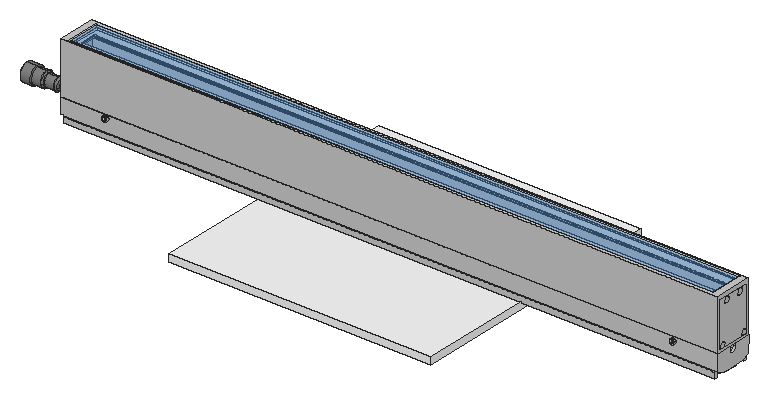
Revit family "BE_84200_de_DE", category Leuchten, Revit 2020
Family settings
  Basisbauteil = Fläche
  Bemaßung runder Anschluss = Durchmesser verwenden
  Teiletyp = Normal
  Beim Laden mit Abzugskörper schneiden = Ja
  Lichtquelle = Ja
  Gemeinsam genutzt = Nein
  Raumberechnungspunkt = Ja
Parameters (values of type "BEGA_84200_Silber")
  built-in parameter 1150104 = 8.522 (stored number, unit not read)
  Wattage = 25.4 W
  Default Elevation = 0 mm
  built-in parameter 1150113 = 1 (stored number, unit not read)
  built-in parameter 1114218 = 1 (stored number, unit not read)
  Umgebungstemperatur = "25 °C"
  URL = "https://www.bega.com/de/produkt/84200"
  Typenkommentare = "© 2022 BEGA. Wir behalten uns das Recht vor, technische Änderungen ohne vorherige Ankündigung vorzunehmen."  # constant formula
  Type Image = 84200.png
  built-in parameter 1150134 = (empty or 0)
  built-in parameter 1150109 = 1 (stored number, unit not read)
  Strom = ""
  built-in parameter 1150110 = 1 (stored number, unit not read)
  Spannung = 239.996 V
  Sonderanfertigung = no
  Seriennummer [instance] = "Hier können Sie die eindeutige Seriennummer für das Facility Management eintragen."
  Schutzklasse = "I"
  Schutzart = "IP 65"
  Scheinlast = 0 VA
  Produktdatenblatt = "https://cdn.bega.com/bega/products/84200/current/documents/data-sheets/de"
  Oberflächentemperatur = ""
  Neigungswinkel = 0.00°
  Modell = "84200A"
  Material_18 = BEGA_Gummi_schwarz
  Material_17 = BEGA_Reflektor
  Material_15 = BEGA_Leuchtmedium_matt
  Material_11 = BEGA_Glas_opal
  Material_10 = BEGA_Glas_matt
  Material_09 = BEGA_Glas_klar
  Material_06 = BEGA_Oberfläche_Edelstahl_gebürstet
  Material_04 = BEGA_Kunststoff_Grafit_matt
  Material_03 = BEGA_Oberfläche_Weiss_matt
  Material_02 = BEGA_Oberfläche_Silber_matt
  Material_01 [instance] = BEGA_Oberfläche_Grafit_matt
  M_W = no
  M_G = no
  M_A = yes
  Logo = 0
  built-in parameter 1114217 = 1 (stored number, unit not read)
  built-in parameter 1150139 = (empty or 0)
  built-in parameter 1150105 = 185.41 (stored number, unit not read)
  built-in parameter 1150114 = 1 (stored number, unit not read)
  Lumens = 2329.94 lm
  built-in parameter 1150115 = 1 (stored number, unit not read)
  Leuchtenlichtstrom = "1235 lm"
  Leuchtenanzahl = ""
  Lebensdauerkriterien = "L70B50 @ 25 °C = 200000 h"
  Lastklassifizierung = Beleuchtung
  built-in parameter 1150112 = 1 (stored number, unit not read)
  Lampenlichtstrom = "2330 lm"
  Lampe = "LED 23.4 W"
  LED_Modulbezeichnung = "2x LED-0921/RGBW"
  built-in parameter 1150142 = (empty or 0)
  Hersteller = "BEGA"  # constant formula
  Halbstreuwinkel = ""
  Gewicht = "5.8 kg"
  Gebrauchslageneinschränkung [instance] = ""
  Frequenz = "0/50-60 Hz"
  Farbwiedergabeindex = ""
  Dimming Lamp Color Temperature Shift = (empty or 0)
  Farbtemperatur = ""
  Color Filter = 16777215
  built-in parameter 1150133 = 10 (stored number, unit not read)
  Energieeffizienzklasse = "LED A++ - A"
  built-in parameter 1150137 = (empty or 0)
  built-in parameter 1150132 = (empty or 0)
  ENEC = "ja"
  Dimmbar [instance] = "DALI DT8 (RGBWAF)"
  Datei für fotometrisches Netz = "BE_84200.IES"
  CE_Konformität = "ja"
  Bestellnummer = "84200A"
  Beschreibung_Sonderanfertigung = "Hier können Sie Informationen zur Sonderanfertigung eintragen."
  Beschreibung = "Fassadenscheinwerfer RGBW"
  built-in parameter 1150106 = 1.8541 (stored number, unit not read)
  Befestigungsbohrung = "Ø 7 mm"
  Befestigungsabstand = "875 mm"
  Ballwurfsicher = ""
  BEGA_Intern_aus = yes
  BEGA_Intern_an = yes
  BEGA_Intern_Konstruktion = yes
  BEGA_Intern = yes
  BEGA_IES = yes
  BEGA_Dummy = no
  Anschlussleitung = "0.5 m"
  Anschlussleistung [instance] = "28 W"
  Anschlusskasten = ""
  built-in parameter 1150107 = 3000 (stored number, unit not read)
  built-in parameter 1150102 = (empty or 0)
  built-in parameter 1150138 = (empty or 0)
  Aktualisierung = "2022-05-19T04:00:07"
  Abstand_zur_angestrahlten_Fläche [instance] = ""
  AC/DC = "AC/DC"
Types (2, lengths in mm): name | Modell | M_G | M_A | Bestellnummer
  BEGA_84200_Grafit | "84200" | yes | no | "84200"
  BEGA_84200_Silber | "84200A" | no | yes | "84200A"
Reference planes
  plane 1 "Mitte (Vorne/Hinten)": y = 0
  plane 2: z = 0
  plane 3 "Mitte (Links/Rechts)": x = 0
  plane 4 "Links": x = -500
  plane 5 "Rechts": x = 500
  plane 6 "Unten": y = -29
  plane 7 "Oben": y = 29
  plane 8 "Vorne": z = 113
  plane 9 "Hinten": z = 0
Forms (mm)
  Extrusion 1, solid, material "BEGA_Platte_Weiss"
    sketch origin (0, -1119.2, 0) x (1, 0, 0) y (0, 1, 0)
      loop
        line (-200, 1319.2) -> (-200, 919.2) -> (200, 919.2) -> (200, 1319.2) -> (-200, 1319.2)
    from 0 to -10
  Extrusion 2, solid, material "BEGA_Dummy_matt", visible <- "BEGA_Dummy"
    sketch origin (80.095, -76.023, 0) x (1, 0, 0) y (0, 1, 0)
      loop
        line (-580.095, 105.023) -> (-580.095, 47.023) -> (419.905, 47.023) -> (419.905, 105.023) -> (-580.095, 105.023)
    from 0 to 113
Dimensions and locks
  plane 1 "Mitte (Vorne/Hinten)" to Extrusion 1 = 200 mm
  aligned and locked: plane 2 to Extrusion 1
  aligned and locked: level to Extrusion 1
Nested families
  nested 1: "BE_84200_Scheinwerfer" at (0, 0, 0), type "BE_84200_Scheinwerfer"
Connectors
  electrical at (0, 0, 0), driven by "Lastklassifizierung", driven by "Spannung", driven by "Scheinlast"
    settings: index 1, voltage 239.996 V, apparent load 0 VA, apparent load phase1 0 VA, apparent load phase2 0 VA, apparent load phase3 0 VA, power factor 1, load classification "Beleuchtung", number of poles 1, system type 31, power factor state 1, is connector primary yes, connector utility no, sub classification motor no, connector description ""
Definition of nested family "BE_84200_Scheinwerfer"
  Parameters (values of type "BE_84200_Scheinwerfer")
    Default Elevation = 1 mm
    URL = "http://www.bega.de/de/produkt"
    Type Comments = "© 2015 BEGA. Wir behalten uns das Recht vor, technische Änderungen ohne vorherige Ankündigung vorzunehmen. "  # constant formula
    Type Image = (empty or 0)
    Material_18 = none
    Material_17 = none
    Material_15 = none
    Material_11 = none
    Material_10 = none
    Material_09 = none
    Material_06 = none
    Material_04 = none
    Material_03 = none
    Material_02 = none
    Material_01 = none
    M_W = yes
    M_G = yes
    M_A = yes
    Länge_Platte = 1200 mm  # constant formula
    Höhe_Platte = -10 mm  # constant formula
    Manufacturer = "BEGA"  # constant formula
    Breite_Platte = 200 mm  # constant formula
  Reference planes
    plane 1 "Mitte (Oben/Unten)": y = 0
    plane 2: z = 0
    plane 3 "Mitte (Links/Rechts)": x = 0
    plane 4: z = 113.3
    plane 5: y = -29
    plane 6: y = 29
    plane 7: x = -581.9
    plane 8: x = 500
  Forms (mm)
    Extrusion 1, solid, detail levels medium
      sketch origin (0, 0, 0) x (1, 0, 0) y (0, 1, 0)
        loop
          line (-600, 100) -> (-600, -100) -> (600, -100) -> (600, 100) -> (-600, 100)
      from 0 to -10 <- "Höhe_Platte"
    Extrusion 2, solid, material <- "Material_01", visible <- "M_G", detail levels medium+fine
      sketch origin (0, 0, 0) x (0, 1, 0) y (0, 0, 1)
        loop
          line (-29, 0) -> (-26.3, 0) -> (-26.3, 4.91)
          arc (-26.3, 4.91) -> (-26.086, 5.32) -> (-25.627, 5.379) r 0.5
          arc (-25.627, 5.379) -> (-17.92, 3.003) -> (-10, 1.479) r 74
          line (-10, 1.479) -> (-10, 0.2) -> (10, 0.2) -> (10, 1.482)
          arc (10, 1.482) -> (17.921, 3.006) -> (25.629, 5.383) r 73.998
          arc (25.629, 5.383) -> (26.086, 5.326) -> (26.299, 4.918) r 0.497
          line (26.299, 4.918) -> (26.299, 0) -> (29, 0) -> (29, 8.899)
          arc (29, 8.899) -> (28.775, 9.317) -> (28.302, 9.358) r 0.5
          arc (28.302, 9.358) -> (0, 3.5) -> (-28.301, 9.358) r 71.3
          arc (-28.301, 9.358) -> (-28.774, 9.317) -> (-29, 8.899) r 0.5
          line (-29, 8.899) -> (-29, 0)
      from -496 to 496
    Extrusion 3, solid, material <- "Material_01", visible <- "M_G", detail levels medium+fine
      sketch origin (0, 0, 0) x (0, 1, 0) y (0, 0, 1)
        loop
          arc (-29, 9.993) -> (0, 3.8) -> (29, 9.993) r 71
          line (29, 9.993) -> (29, 34.8) -> (25.401, 34.8) -> (25.401, 12.395)
          arc (25.401, 12.395) -> (0, 7.696) -> (-25.401, 12.395) r 71
          line (-25.401, 12.395) -> (-25.401, 34.8) -> (-29, 34.8) -> (-29, 9.993)
      from -496 to 496
    Sweep 4, solid, material <- "Material_01", visible <- "M_G", detail levels medium+fine
      path origin (0, 0, 0) x (1, 0, 0) y (0, 1, 0)
        loop
          line (-500, 29) -> (-500, -29) -> (500, -29) -> (500, 29) -> (-500, 29)
      profile origin (-500, 0, 0) x (1, 0, 0) y (0, 0, 1)
        loop
          line (0, 113.3) -> (0, 34.8) -> (11, 34.8) -> (11, 40.679) -> (3.5, 40.679) -> (3.5, 103.406) -> (17.035, 103.406)
          arc (17.035, 103.406) -> (17.719, 103.711) -> (18, 104.406) r 1
          line (18, 104.406) -> (18, 105.896)
          arc (18, 105.896) -> (17.713, 106.596) -> (17.017, 106.895) r 1
          line (17.017, 106.895) -> (11.125, 106.895) -> (8.794, 113.3) -> (0, 113.3)
    Extrusion 5, void
      sketch origin (239, 0, 0) x (1, 0, 0) y (0, 0, 1)
        loop
          line (261, 37.756) -> (261, 107.746) -> (258.218, 107.746) -> (258.218, 37.756) -> (261, 37.756)
      from -26.267 to 26.244
    Extrusion 6, solid, material <- "Material_01", visible <- "M_G", detail levels medium+fine
      sketch origin (239, 0, 0) x (1, 0, 0) y (0, 0, 1)
        loop
          line (261, 106.748) -> (258.218, 106.748) -> (258.218, 38.353) -> (261, 38.353) -> (261, 106.748)
      from -25.5 to 25.5
    Extrusion 7, solid, material <- "Material_01", visible <- "M_G", detail levels medium+fine
      sketch origin (0, 0, 0) x (0, 1, 0) y (0, 0, 1)
        loop
          line (-29, 34.8) -> (-29, 9.993)
          arc (-29, 9.993) -> (0, 3.8) -> (29, 9.993) r 71
          line (29, 9.993) -> (29, 34.8) -> (6, 34.8) -> (6, 29.8)
          arc (6, 29.8) -> (0, 23.8) -> (-6, 29.8) r 6
          line (-6, 29.8) -> (-6, 34.8) -> (-29, 34.8)
      from 496 to 500
    Extrusion 8, solid, material <- "Material_01", visible <- "M_G", detail levels medium+fine
      sketch origin (-239, 0, 0) x (0, 1, 0) y (0, 0, -1)
        loop
          line (-29, -34.8) -> (-6, -34.8) -> (-6, -29.8)
          arc (-6, -29.8) -> (0, -23.8) -> (6, -29.8) r 6
          line (6, -29.8) -> (6, -34.8) -> (29, -34.8) -> (29, -10.487)
          arc (29, -10.487) -> (0, -4.294) -> (-29, -10.487) r 71
          line (-29, -10.487) -> (-29, -34.8)
      from 257 to 261
    Extrusion 9, void
      sketch origin (0, 0, 0) x (1, 0, 0) y (0, 1, 0)
        loop
          circle (0, 0) r 7.5
        loop
          circle (-440, 0) r 3.5
        loop
          circle (440, 0) r 3.5
      from 0 to 10
    Revolve 10, solid, material <- "Material_01", visible <- "M_G", detail levels medium+fine
      sketch origin (-432, 0, 0) x (0, 1, 0) y (0, 0, 1)
        loop
          line (-31.453, 32.75) -> (-31.453, 31.8) -> (-27.5, 31.8) -> (-27.5, 32.75) -> (-31.453, 32.75)
        axis (-31.453, 28.8) -> (-27.5, 28.8)
      angle from 0 to 360
    Revolve 11, solid, material <- "Material_01", visible <- "M_G", detail levels medium+fine
      sketch origin (432, 0, 0) x (0, 1, 0) y (0, 0, -1)
        loop
          line (-31.453, -32.75) -> (-27.5, -32.75) -> (-27.5, -31.8) -> (-31.453, -31.8) -> (-31.453, -32.75)
        axis (-31.453, -28.8) -> (-27.5, -28.8)
      angle from 0 to 360
    Revolve 12, solid, material <- "Material_06", detail levels fine
      sketch origin (-432, 0, 0) x (0, 1, 0) y (0, 0, 1)
        loop
          line (-30.053, 31.8) -> (-30.053, 28.8) -> (-26.193, 28.8) -> (-26.193, 31.8) -> (-30.053, 31.8)
        axis (-30.053, 28.8) -> (-26.193, 28.8)
      angle from 0 to 360
    Revolve 13, solid, material <- "Material_06", detail levels fine
      sketch origin (432, 0, 0) x (0, 1, 0) y (0, 0, -1)
        loop
          line (-30.053, -31.8) -> (-26.193, -31.8) -> (-26.193, -28.8) -> (-30.053, -28.8) -> (-30.053, -31.8)
        axis (-30.053, -28.8) -> (-26.193, -28.8)
      angle from 0 to 360
    Revolve 14, solid, material <- "Material_04", detail levels medium+fine
      sketch origin (-239, 0, 0) x (1, 0, 0) y (0, 0, 1)
        loop
          line (-320.8, 43.3) -> (-335.5, 43.3) -> (-336.7, 42.1) -> (-336.7, 32.8) -> (-342.9, 32.8) -> (-342.9, 29.8) -> (-260.5, 29.8) -> (-260.5, 34.15) -> (-284, 34.15) -> (-284, 37.8) -> (-287, 39.3) -> (-288, 39.3)
          arc (-288, 39.3) -> (-288.146, 38.947) -> (-288.5, 38.8) r 0.5
          line (-288.5, 38.8) -> (-302.464, 38.8)
          arc (-302.464, 38.8) -> (-303.418, 38.99) -> (-304.228, 39.528) r 2.5
          line (-304.228, 39.528) -> (-305.707, 41.008)
          arc (-305.707, 41.008) -> (-306.032, 41.224) -> (-306.414, 41.3) r 1
          line (-306.414, 41.3) -> (-320, 41.3) -> (-320, 39.8) -> (-320.8, 39.8) -> (-320.8, 43.3)
        axis (-342.9, 29.8) -> (-260.5, 29.8)
      angle from 0 to 360
    Revolve 15, void
      sketch origin (239, -12.5, -0.101) x (1, 0, 0) y (0, 0, 1)
        loop
          line (261.225, 106.482) -> (258.494, 103.752) -> (258.494, 101.902) -> (261.225, 101.902) -> (261.225, 106.482)
        axis (258.494, 101.902) -> (261.225, 101.902)
      angle from 0 to 360
    Revolve 16, void
      sketch origin (239, 12.5, -0.101) x (1, 0, 0) y (0, 0, -1)
        loop
          line (261.225, -106.482) -> (261.225, -101.902) -> (258.494, -101.902) -> (258.494, -103.752) -> (261.225, -106.482)
        axis (258.494, -101.902) -> (261.225, -101.902)
      angle from 0 to 360
    Revolve 17, void
      sketch origin (239, -20.5, -58.602) x (1, 0, 0) y (0, 0, 1)
        loop
          line (261.225, 106.482) -> (258.494, 103.752) -> (258.494, 101.902) -> (261.225, 101.902) -> (261.225, 106.482)
        axis (258.494, 101.902) -> (261.225, 101.902)
      angle from 0 to 360
    Revolve 18, void
      sketch origin (239, 20.5, -58.602) x (1, 0, 0) y (0, 0, -1)
        loop
          line (261.225, -106.482) -> (261.225, -101.902) -> (258.494, -101.902) -> (258.494, -103.752) -> (261.225, -106.482)
        axis (258.494, -101.902) -> (261.225, -101.902)
      angle from 0 to 360
    Extrusion 19, solid, material <- "Material_06", detail levels fine
      sketch origin (239.494, 0, 0) x (0, 1, 0) y (0, 0, 1)
        loop
          circle (-12.5, 101.8) r 4.009
        loop
          circle (12.5, 101.8) r 4.009
        loop
          circle (-20.5, 43.3) r 4.009
        loop
          circle (20.5, 43.3) r 4.009
      from 259.244 to 260.506
    Extrusion 20, solid, material <- "Material_10", detail levels medium+fine
      sketch origin (0, 0, 0) x (1, 0, 0) y (0, 0, 1)
        loop
          line (-489.25, 113) -> (-489.25, 109) -> (489.25, 109) -> (489.25, 113) -> (-489.25, 113)
      from -25 to 25
    Sweep 21, void
      path origin (0, 0, 0) x (1, 0, 0) y (0, 1, 0)
        loop
          line (493.606, 29) -> (-493.606, 29) -> (-493.606, -29) -> (493.606, -29) -> (493.606, 29)
      profile origin (0, 29, 0) x (0, -1, 0) y (0, 0, 1)
        loop
          line (12.06, 106.895) -> (9.517, 113.881) -> (2.237, 113.881) -> (4.779, 106.895) -> (12.06, 106.895)
    Extrusion 22, solid, material <- "Material_02", visible <- "M_A", detail levels medium+fine
      sketch origin (0, 0, 0) x (0, 1, 0) y (0, 0, 1)
        loop
          line (-29, 0) -> (-26.3, 0) -> (-26.3, 4.91)
          arc (-26.3, 4.91) -> (-26.086, 5.32) -> (-25.627, 5.379) r 0.5
          arc (-25.627, 5.379) -> (-17.92, 3.003) -> (-10, 1.479) r 74
          line (-10, 1.479) -> (-10, 0.2) -> (10, 0.2) -> (10, 1.482)
          arc (10, 1.482) -> (17.921, 3.006) -> (25.629, 5.383) r 73.998
          arc (25.629, 5.383) -> (26.086, 5.326) -> (26.299, 4.918) r 0.497
          line (26.299, 4.918) -> (26.299, 0) -> (29, 0) -> (29, 8.899)
          arc (29, 8.899) -> (28.775, 9.317) -> (28.302, 9.358) r 0.5
          arc (28.302, 9.358) -> (0, 3.5) -> (-28.301, 9.358) r 71.3
          arc (-28.301, 9.358) -> (-28.774, 9.317) -> (-29, 8.899) r 0.5
          line (-29, 8.899) -> (-29, 0)
      from -496 to 496
    Extrusion 23, solid, material <- "Material_02", visible <- "M_A", detail levels medium+fine
      sketch origin (0, 0, 0) x (0, 1, 0) y (0, 0, 1)
        loop
          arc (-29, 9.993) -> (0, 3.8) -> (29, 9.993) r 71
          line (29, 9.993) -> (29, 34.8) -> (25.401, 34.8) -> (25.401, 12.395)
          arc (25.401, 12.395) -> (0, 7.696) -> (-25.401, 12.395) r 71
          line (-25.401, 12.395) -> (-25.401, 34.8) -> (-29, 34.8) -> (-29, 9.993)
      from -496 to 496
    Extrusion 24, solid, material <- "Material_02", visible <- "M_A", detail levels medium+fine
      sketch origin (0, 0, 0) x (0, 1, 0) y (0, 0, 1)
        loop
          line (-29, 34.8) -> (-29, 9.993)
          arc (-29, 9.993) -> (0, 3.8) -> (29, 9.993) r 71
          line (29, 9.993) -> (29, 34.8) -> (6, 34.8) -> (6, 29.8)
          arc (6, 29.8) -> (0, 23.8) -> (-6, 29.8) r 6
          line (-6, 29.8) -> (-6, 34.8) -> (-29, 34.8)
      from 496 to 500
    Extrusion 25, solid, material <- "Material_02", visible <- "M_A", detail levels medium+fine
      sketch origin (-239, 0, 0) x (0, 1, 0) y (0, 0, -1)
        loop
          line (-29, -34.8) -> (-6, -34.8) -> (-6, -29.8)
          arc (-6, -29.8) -> (0, -23.8) -> (6, -29.8) r 6
          line (6, -29.8) -> (6, -34.8) -> (29, -34.8) -> (29, -10.487)
          arc (29, -10.487) -> (0, -4.294) -> (-29, -10.487) r 71
          line (-29, -10.487) -> (-29, -34.8)
      from 257 to 261
    Revolve 26, solid, material <- "Material_02", visible <- "M_A", detail levels medium+fine
      sketch origin (-432, 0, 0) x (0, 1, 0) y (0, 0, 1)
        loop
          line (-31.453, 32.75) -> (-31.453, 31.8) -> (-27.5, 31.8) -> (-27.5, 32.75) -> (-31.453, 32.75)
        axis (-31.453, 28.8) -> (-27.5, 28.8)
      angle from 0 to 360
    Revolve 27, solid, material <- "Material_02", visible <- "M_A", detail levels medium+fine
      sketch origin (432, 0, 0) x (0, 1, 0) y (0, 0, -1)
        loop
          line (-31.453, -32.75) -> (-27.5, -32.75) -> (-27.5, -31.8) -> (-31.453, -31.8) -> (-31.453, -32.75)
        axis (-31.453, -28.8) -> (-27.5, -28.8)
      angle from 0 to 360
    Sweep 28, solid, material <- "Material_02", visible <- "M_A", detail levels medium+fine
      path origin (0, 0, 0) x (1, 0, 0) y (0, 1, 0)
        loop
          line (-500, 29) -> (-500, -29) -> (500, -29) -> (500, 29) -> (-500, 29)
      profile origin (-500, 0, 0) x (1, 0, 0) y (0, 0, 1)
        loop
          line (0, 113.3) -> (0, 34.8) -> (11, 34.8) -> (11, 40.679) -> (3.5, 40.679) -> (3.5, 103.406) -> (17.035, 103.406)
          arc (17.035, 103.406) -> (17.719, 103.711) -> (18, 104.406) r 1
          line (18, 104.406) -> (18, 105.896)
          arc (18, 105.896) -> (17.713, 106.596) -> (17.017, 106.895) r 1
          line (17.017, 106.895) -> (11.125, 106.895) -> (8.794, 113.3) -> (0, 113.3)
    Extrusion 29, solid, material <- "Material_02", visible <- "M_A", detail levels medium+fine
      sketch origin (239.281, 0, 0) x (1, 0, 0) y (0, 0, 1)
        loop
          line (260.719, 106.748) -> (257.938, 106.748) -> (257.938, 38.353) -> (260.719, 38.353) -> (260.719, 106.748)
      from -25.5 to 25.5
  Cuts and joins
    Extrusion 5, Sweep 21 cuts Sweep 4
    Extrusion 9 cuts Extrusion 3
    Extrusion 9 cuts Extrusion 7
    Extrusion 9 cuts Extrusion 8
    joined: Extrusion 3, Extrusion 7, Extrusion 8, Revolve 10, Revolve 11
    Extrusion 9 cuts Extrusion 2
    Revolve 15, Revolve 16, Revolve 17, Revolve 18 cuts Extrusion 6
    Extrusion 9 cuts Extrusion 22
    joined: Extrusion 23, Extrusion 24, Extrusion 25, Revolve 26, Revolve 27
    Extrusion 5, Revolve 16, Sweep 21 cuts Sweep 28
    Revolve 15, Revolve 16, Revolve 17, Revolve 18 cuts Extrusion 29
  Dimensions and locks
    equal spacing: Extrusion 1 sketch curve, plane 3 "Mitte (Links/Rechts)", Extrusion 1 sketch curve
    equal spacing: Extrusion 1 sketch curve, plane 1 "Mitte (Oben/Unten)", Extrusion 1 sketch curve
    "Länge_Platte": Extrusion 1 sketch curve to Extrusion 1 sketch curve
    "Breite_Platte": Extrusion 1 sketch curve to Extrusion 1 sketch curve
    aligned and locked: Extrusion 1 to plane 2
    aligned and locked: level to Extrusion 1
  Automatic sketch dimensions
    Extrusion 2 sketch curve to Extrusion 2 sketch curve = 0 mm  (x5)
    Extrusion 2 sketch curve to level = 0 mm  (x2)
    level to Extrusion 2 sketch curve = 8.899 mm
    plane 1 "Mitte (Oben/Unten)" to Extrusion 2 sketch curve = 29 mm
    Extrusion 2 sketch curve to Extrusion 2 sketch curve = 0.5 mm  (x2)
    Extrusion 2 sketch curve to Extrusion 2 sketch curve = 2.7 mm
    level to Extrusion 2 sketch curve = 0.2 mm
    plane 1 "Mitte (Oben/Unten)" to Extrusion 2 sketch curve = 10 mm
    Extrusion 2 sketch curve to plane 1 "Mitte (Oben/Unten)" = 0 mm  (x2)
    Extrusion 2 sketch curve to plane 1 "Mitte (Oben/Unten)" = 10 mm
    level to Extrusion 2 sketch curve = 4.918 mm
    Extrusion 2 sketch curve to Extrusion 2 sketch curve = 15.802 mm
    Extrusion 2 sketch curve to Extrusion 2 sketch curve = 0.497 mm
    Extrusion 2 sketch curve to Extrusion 2 sketch curve = 2.201 mm
    Extrusion 2 sketch curve to Extrusion 2 sketch curve = 2.701 mm
    Extrusion 2 sketch curve to Extrusion 2 sketch curve = 1.279 mm
    Extrusion 2 sketch curve to Extrusion 2 sketch curve = 1.282 mm
    Extrusion 2 sketch curve to Extrusion 2 sketch curve = 3.989 mm
    Extrusion 2 sketch curve to Extrusion 2 sketch curve = 3.981 mm
    Extrusion 2 sketch curve to Extrusion 2 sketch curve = 65.901 mm
    Extrusion 2 sketch curve to Extrusion 2 sketch curve = 0.002 mm
    Extrusion 2 sketch curve to Extrusion 2 sketch curve = 0.198 mm  (x2)
    Extrusion 3 sketch curve to plane 1 "Mitte (Oben/Unten)" = 0 mm  (x2)
    plane 1 "Mitte (Oben/Unten)" to Extrusion 3 sketch curve = 25.401 mm
    Extrusion 3 sketch curve to Extrusion 3 sketch curve = 3.599 mm  (x2)
    level to Extrusion 3 sketch curve = 12.395 mm
    Extrusion 3 sketch curve to plane 1 "Mitte (Oben/Unten)" = 25.401 mm
    Extrusion 3 sketch curve to Extrusion 3 sketch curve = 2.402 mm
    Extrusion 3 sketch curve to Extrusion 3 sketch curve = 22.405 mm  (x2)
    Extrusion 3 sketch curve to Extrusion 3 sketch curve = 40 mm
    Extrusion 3 sketch curve to Extrusion 3 sketch curve = 3.895 mm
    profile plane to Sweep 4 sketch curve = 0 mm
    Sweep 4 sketch curve to profile plane = 3.5 mm
    Sweep 4 sketch curve to profile plane = 8.794 mm
    Sweep 4 sketch curve to Sweep 4 sketch curve = 7.5 mm
    Sweep 4 sketch curve to Sweep 4 sketch curve = 2.331 mm
    Sweep 4 sketch curve to Sweep 4 sketch curve = 5.875 mm
    Sweep 4 sketch curve to Sweep 4 sketch curve = 0 mm
    Sweep 4 sketch curve to Sweep 4 sketch curve = 0.017 mm
    Sweep 4 sketch curve to Sweep 4 sketch curve = 0.035 mm
    Sweep 4 sketch curve to Sweep 4 sketch curve = 1 mm
    level to Sweep 4 sketch curve = 34.8 mm
    Sweep 4 sketch curve to Sweep 4 sketch curve = 5.878 mm
    Sweep 4 sketch curve to Sweep 4 sketch curve = 62.728 mm
    Sweep 4 sketch curve to Sweep 4 sketch curve = 1.49 mm
    Sweep 4 sketch curve to Sweep 4 sketch curve = 9.894 mm
    level to Extrusion 5 sketch curve = 37.756 mm
    plane 3 "Mitte (Links/Rechts)" to Extrusion 5 sketch curve = 497.218 mm
    Extrusion 5 sketch curve to Extrusion 5 sketch curve = 2.782 mm
    Extrusion 5 sketch curve to Extrusion 5 sketch curve = 69.99 mm
    level to Extrusion 6 sketch curve = 38.353 mm
    plane 3 "Mitte (Links/Rechts)" to Extrusion 6 sketch curve = 497.218 mm
    Extrusion 6 sketch curve to Extrusion 6 sketch curve = 2.782 mm
    Extrusion 6 sketch curve to Extrusion 6 sketch curve = 68.395 mm
    Extrusion 7 sketch curve to plane 1 "Mitte (Oben/Unten)" = 0 mm  (x2)
    plane 1 "Mitte (Oben/Unten)" to Extrusion 7 sketch curve = 6 mm
    Extrusion 7 sketch curve to Extrusion 7 sketch curve = 23 mm
    level to Extrusion 7 sketch curve = 9.993 mm
    Extrusion 7 sketch curve to plane 1 "Mitte (Oben/Unten)" = 29 mm
    level to Extrusion 7 sketch curve = 29.8 mm
    Extrusion 7 sketch curve to Extrusion 7 sketch curve = 5 mm  (x2)
    Extrusion 7 sketch curve to Extrusion 7 sketch curve = 40 mm
    Extrusion 8 sketch curve to plane 1 "Mitte (Oben/Unten)" = 0 mm  (x2)
    plane 1 "Mitte (Oben/Unten)" to Extrusion 8 sketch curve = 6 mm
    Extrusion 8 sketch curve to Extrusion 8 sketch curve = 23 mm
    level to Extrusion 8 sketch curve = 10.487 mm
    Extrusion 8 sketch curve to plane 1 "Mitte (Oben/Unten)" = 29 mm
    level to Extrusion 8 sketch curve = 29.8 mm
    Extrusion 8 sketch curve to Extrusion 8 sketch curve = 5 mm  (x2)
    Extrusion 8 sketch curve to Extrusion 8 sketch curve = 40.494 mm
    plane 1 "Mitte (Oben/Unten)" to Revolve 10 sketch curve = 31.453 mm
    Revolve 10 sketch curve to Revolve 10 sketch curve = 3.953 mm
    level to Revolve 10 sketch curve = 31.8 mm
    Revolve 10 sketch curve to Revolve 10 sketch curve = 0.95 mm
    Revolve 10 sketch curve to Revolve 10 sketch curve = 0.641 mm
    Revolve 10 sketch curve to Revolve 10 sketch curve = 2.294 mm
    Revolve 10 sketch curve to Revolve 10 sketch curve = 3 mm
    plane 1 "Mitte (Oben/Unten)" to Revolve 11 sketch curve = 31.453 mm
    Revolve 11 sketch curve to Revolve 11 sketch curve = 3.953 mm
    level to Revolve 11 sketch curve = 32.75 mm
    Revolve 11 sketch curve to Revolve 11 sketch curve = 0.95 mm
    Revolve 11 sketch curve to Revolve 11 sketch curve = 0.641 mm
    Revolve 11 sketch curve to Revolve 11 sketch curve = 2.294 mm
    Revolve 11 sketch curve to Revolve 11 sketch curve = 3 mm
    plane 1 "Mitte (Oben/Unten)" to Revolve 12 sketch curve = 30.053 mm
    Revolve 12 sketch curve to Revolve 12 sketch curve = 3.861 mm
    level to Revolve 12 sketch curve = 28.8 mm
    Revolve 12 sketch curve to Revolve 12 sketch curve = 3 mm
    Revolve 12 sketch curve to Revolve 12 sketch curve = 1.053 mm
    Revolve 12 sketch curve to Revolve 12 sketch curve = 1.25 mm
    Revolve 12 sketch curve to Revolve 12 sketch curve = 0 mm
    plane 1 "Mitte (Oben/Unten)" to Revolve 13 sketch curve = 30.053 mm
    Revolve 13 sketch curve to Revolve 13 sketch curve = 3.861 mm
    level to Revolve 13 sketch curve = 31.8 mm
    Revolve 13 sketch curve to Revolve 13 sketch curve = 3 mm
    Revolve 13 sketch curve to Revolve 13 sketch curve = 1.053 mm
    Revolve 13 sketch curve to Revolve 13 sketch curve = 1.25 mm
    Revolve 13 sketch curve to Revolve 13 sketch curve = 0 mm
    level to Revolve 14 sketch curve = 29.8 mm
    Revolve 14 sketch curve to plane 3 "Mitte (Links/Rechts)" = 581.9 mm
    level to Revolve 14 sketch curve = 42.1 mm
    Revolve 14 sketch curve to Revolve 14 sketch curve = 6.2 mm
    level to Revolve 14 sketch curve = 43.3 mm
    Revolve 14 sketch curve to Revolve 14 sketch curve = 1.2 mm
    Revolve 14 sketch curve to Revolve 14 sketch curve = 14.7 mm
    Revolve 14 sketch curve to Revolve 14 sketch curve = 0.8 mm
    Revolve 14 sketch curve to Revolve 14 sketch curve = 13.586 mm
    level to Revolve 14 sketch curve = 39.528 mm
    Revolve 14 sketch curve to Revolve 14 sketch curve = 2.187 mm
    Revolve 14 sketch curve to Revolve 14 sketch curve = 1.763 mm
    Revolve 14 sketch curve to Revolve 14 sketch curve = 13.964 mm
    Revolve 14 sketch curve to Revolve 14 sketch curve = 0.5 mm
    Revolve 14 sketch curve to Revolve 14 sketch curve = 1 mm  (x2)
    level to Revolve 14 sketch curve = 37.8 mm
    Revolve 14 sketch curve to Revolve 14 sketch curve = 3 mm  (x2)
    Revolve 14 sketch curve to Revolve 14 sketch curve = 23.5 mm
    Revolve 14 sketch curve to Revolve 14 sketch curve = 4.35 mm
    Revolve 14 sketch curve to Revolve 14 sketch curve = 3.5 mm
    Revolve 14 sketch curve to Revolve 14 sketch curve = 0.772 mm
    Revolve 14 sketch curve to Revolve 14 sketch curve = 1.5 mm
    Revolve 14 sketch curve to Revolve 14 sketch curve = 0.707 mm
    level to Revolve 14 sketch curve = 41.008 mm
    Revolve 14 sketch curve to Revolve 14 sketch curve = 0 mm
    Revolve 14 sketch curve to Revolve 14 sketch curve = 3.702 mm
    Revolve 14 sketch curve to Revolve 14 sketch curve = 7.729 mm
    Revolve 14 sketch curve to Revolve 14 sketch curve = 9 mm
    level to Revolve 15 sketch curve = 101.8 mm
    plane 3 "Mitte (Links/Rechts)" to Revolve 15 sketch curve = 497.494 mm
    Revolve 15 sketch curve to Revolve 15 sketch curve = 2.731 mm  (x2)
    Revolve 15 sketch curve to Revolve 15 sketch curve = 1.85 mm
    Revolve 15 sketch curve to Revolve 15 sketch curve = 0 mm  (x2)
    Revolve 15 sketch curve to Revolve 15 sketch curve = 1.225 mm
    level to Revolve 16 sketch curve = 101.8 mm
    plane 3 "Mitte (Links/Rechts)" to Revolve 16 sketch curve = 497.494 mm
    Revolve 16 sketch curve to Revolve 16 sketch curve = 2.731 mm  (x2)
    Revolve 16 sketch curve to Revolve 16 sketch curve = 1.85 mm
    Revolve 16 sketch curve to Revolve 16 sketch curve = 0 mm  (x2)
    Revolve 16 sketch curve to Revolve 16 sketch curve = 1.225 mm
    level to Revolve 17 sketch curve = 43.3 mm
    plane 3 "Mitte (Links/Rechts)" to Revolve 17 sketch curve = 497.494 mm
    Revolve 17 sketch curve to Revolve 17 sketch curve = 2.731 mm  (x2)
    Revolve 17 sketch curve to Revolve 17 sketch curve = 1.85 mm
    Revolve 17 sketch curve to Revolve 17 sketch curve = 0 mm  (x2)
    Revolve 17 sketch curve to Revolve 17 sketch curve = 1.225 mm
    level to Revolve 18 sketch curve = 43.3 mm
    plane 3 "Mitte (Links/Rechts)" to Revolve 18 sketch curve = 497.494 mm
    Revolve 18 sketch curve to Revolve 18 sketch curve = 2.731 mm  (x2)
    Revolve 18 sketch curve to Revolve 18 sketch curve = 1.85 mm
    Revolve 18 sketch curve to Revolve 18 sketch curve = 0 mm  (x2)
    Revolve 18 sketch curve to Revolve 18 sketch curve = 1.225 mm
    plane 1 "Mitte (Oben/Unten)" to Extrusion 19 sketch curve = 20.5 mm
    plane 1 "Mitte (Oben/Unten)" to Extrusion 19 sketch curve = 12.5 mm
    Extrusion 19 sketch curve to plane 1 "Mitte (Oben/Unten)" = 12.5 mm
    Extrusion 19 sketch curve to plane 1 "Mitte (Oben/Unten)" = 20.5 mm
    level to Extrusion 19 sketch curve = 43.3 mm
    Extrusion 19 sketch curve to Extrusion 19 sketch curve = 0 mm  (x2)
    Extrusion 19 sketch curve to Extrusion 19 sketch curve = 58.5 mm
    level to Extrusion 20 sketch curve = 109 mm
    Extrusion 20 sketch curve to plane 3 "Mitte (Links/Rechts)" = 489.25 mm
    plane 3 "Mitte (Links/Rechts)" to Extrusion 20 sketch curve = 489.25 mm
    Extrusion 20 sketch curve to Extrusion 20 sketch curve = 4 mm
    Sweep 21 sketch curve to profile plane = 2.237 mm
    Sweep 21 sketch curve to profile plane = 4.779 mm
    Sweep 21 sketch curve to Sweep 21 sketch curve = 7.28 mm  (x2)
    level to Sweep 21 sketch curve = 106.895 mm
    Sweep 21 sketch curve to Sweep 21 sketch curve = 6.985 mm
    Extrusion 22 sketch curve to Extrusion 22 sketch curve = 0 mm  (x5)
    Extrusion 22 sketch curve to level = 0 mm  (x2)
    level to Extrusion 22 sketch curve = 8.899 mm
    plane 1 "Mitte (Oben/Unten)" to Extrusion 22 sketch curve = 29 mm
    Extrusion 22 sketch curve to Extrusion 22 sketch curve = 0.5 mm  (x2)
    Extrusion 22 sketch curve to Extrusion 22 sketch curve = 2.7 mm
    level to Extrusion 22 sketch curve = 0.2 mm
    plane 1 "Mitte (Oben/Unten)" to Extrusion 22 sketch curve = 10 mm
    Extrusion 22 sketch curve to plane 1 "Mitte (Oben/Unten)" = 0 mm  (x2)
    Extrusion 22 sketch curve to plane 1 "Mitte (Oben/Unten)" = 10 mm
    level to Extrusion 22 sketch curve = 4.918 mm
    Extrusion 22 sketch curve to Extrusion 22 sketch curve = 15.802 mm
    Extrusion 22 sketch curve to Extrusion 22 sketch curve = 0.497 mm
    Extrusion 22 sketch curve to Extrusion 22 sketch curve = 2.201 mm
    Extrusion 22 sketch curve to Extrusion 22 sketch curve = 2.701 mm
    Extrusion 22 sketch curve to Extrusion 22 sketch curve = 1.279 mm
    Extrusion 22 sketch curve to Extrusion 22 sketch curve = 1.282 mm
    Extrusion 22 sketch curve to Extrusion 22 sketch curve = 3.989 mm
    Extrusion 22 sketch curve to Extrusion 22 sketch curve = 3.981 mm
    Extrusion 22 sketch curve to Extrusion 22 sketch curve = 65.901 mm
    Extrusion 22 sketch curve to Extrusion 22 sketch curve = 0.002 mm
    Extrusion 22 sketch curve to Extrusion 22 sketch curve = 0.198 mm  (x2)
    Extrusion 23 sketch curve to plane 1 "Mitte (Oben/Unten)" = 0 mm  (x2)
    plane 1 "Mitte (Oben/Unten)" to Extrusion 23 sketch curve = 25.401 mm
    Extrusion 23 sketch curve to Extrusion 23 sketch curve = 3.599 mm  (x2)
    level to Extrusion 23 sketch curve = 12.395 mm
    Extrusion 23 sketch curve to plane 1 "Mitte (Oben/Unten)" = 25.401 mm
    Extrusion 23 sketch curve to Extrusion 23 sketch curve = 2.402 mm
    Extrusion 23 sketch curve to Extrusion 23 sketch curve = 22.405 mm  (x2)
    Extrusion 23 sketch curve to Extrusion 23 sketch curve = 40 mm
    Extrusion 23 sketch curve to Extrusion 23 sketch curve = 3.895 mm
    Extrusion 24 sketch curve to plane 1 "Mitte (Oben/Unten)" = 0 mm  (x2)
    plane 1 "Mitte (Oben/Unten)" to Extrusion 24 sketch curve = 6 mm
    Extrusion 24 sketch curve to Extrusion 24 sketch curve = 23 mm
    level to Extrusion 24 sketch curve = 9.993 mm
    Extrusion 24 sketch curve to plane 1 "Mitte (Oben/Unten)" = 29 mm
    level to Extrusion 24 sketch curve = 29.8 mm
    Extrusion 24 sketch curve to Extrusion 24 sketch curve = 5 mm  (x2)
    Extrusion 24 sketch curve to Extrusion 24 sketch curve = 40 mm
    Extrusion 25 sketch curve to plane 1 "Mitte (Oben/Unten)" = 0 mm  (x2)
    plane 1 "Mitte (Oben/Unten)" to Extrusion 25 sketch curve = 6 mm
    Extrusion 25 sketch curve to Extrusion 25 sketch curve = 23 mm
    level to Extrusion 25 sketch curve = 10.487 mm
    Extrusion 25 sketch curve to plane 1 "Mitte (Oben/Unten)" = 29 mm
    level to Extrusion 25 sketch curve = 29.8 mm
    Extrusion 25 sketch curve to Extrusion 25 sketch curve = 5 mm  (x2)
    Extrusion 25 sketch curve to Extrusion 25 sketch curve = 40.494 mm
    plane 1 "Mitte (Oben/Unten)" to Revolve 26 sketch curve = 31.453 mm
    Revolve 26 sketch curve to Revolve 26 sketch curve = 3.953 mm
    level to Revolve 26 sketch curve = 31.8 mm
    Revolve 26 sketch curve to Revolve 26 sketch curve = 0.95 mm
    Revolve 26 sketch curve to Revolve 26 sketch curve = 0.641 mm
    Revolve 26 sketch curve to Revolve 26 sketch curve = 2.294 mm
    Revolve 26 sketch curve to Revolve 26 sketch curve = 3 mm
    plane 1 "Mitte (Oben/Unten)" to Revolve 27 sketch curve = 31.453 mm
    Revolve 27 sketch curve to Revolve 27 sketch curve = 3.953 mm
    level to Revolve 27 sketch curve = 32.75 mm
    Revolve 27 sketch curve to Revolve 27 sketch curve = 0.95 mm
    Revolve 27 sketch curve to Revolve 27 sketch curve = 0.641 mm
    Revolve 27 sketch curve to Revolve 27 sketch curve = 2.294 mm
    Revolve 27 sketch curve to Revolve 27 sketch curve = 3 mm
    profile plane to Sweep 28 sketch curve = 0 mm
    Sweep 28 sketch curve to profile plane = 3.5 mm
    Sweep 28 sketch curve to profile plane = 8.794 mm
    Sweep 28 sketch curve to Sweep 28 sketch curve = 7.5 mm
    Sweep 28 sketch curve to Sweep 28 sketch curve = 2.331 mm
    Sweep 28 sketch curve to Sweep 28 sketch curve = 5.875 mm
    Sweep 28 sketch curve to Sweep 28 sketch curve = 0 mm
    Sweep 28 sketch curve to Sweep 28 sketch curve = 0.017 mm
    Sweep 28 sketch curve to Sweep 28 sketch curve = 0.035 mm
    Sweep 28 sketch curve to Sweep 28 sketch curve = 1 mm
    level to Sweep 28 sketch curve = 34.8 mm
    Sweep 28 sketch curve to Sweep 28 sketch curve = 5.878 mm
    Sweep 28 sketch curve to Sweep 28 sketch curve = 62.728 mm
    Sweep 28 sketch curve to Sweep 28 sketch curve = 1.49 mm
    Sweep 28 sketch curve to Sweep 28 sketch curve = 9.894 mm
    level to Extrusion 29 sketch curve = 38.353 mm
    plane 3 "Mitte (Links/Rechts)" to Extrusion 29 sketch curve = 497.218 mm
    Extrusion 29 sketch curve to Extrusion 29 sketch curve = 2.782 mm
    Extrusion 29 sketch curve to Extrusion 29 sketch curve = 68.395 mm
    Sweep 28 sketch curve to plane 5 = 0 mm
    Sweep 28 sketch curve to plane 6 = 0 mm
    Sweep 4 sketch curve to plane 5 = 0 mm
    Sweep 4 sketch curve to plane 6 = 0 mm
    Sweep 21 sketch curve to plane 6 = 0 mm
    Sweep 21 sketch curve to plane 5 = 0 mm
    Extrusion 9 sketch curve to plane 1 "Mitte (Oben/Unten)" = 0 mm
    plane 1 "Mitte (Oben/Unten)" to Extrusion 9 sketch curve = 0 mm  (x2)
    Extrusion 9 sketch curve to plane 3 "Mitte (Links/Rechts)" = 0 mm
    Sweep 4 sketch curve to plane 3 "Mitte (Links/Rechts)" = 500 mm
    Extrusion 9 sketch curve to Extrusion 9 sketch curve = 440 mm
    Sweep 21 sketch curve to plane 3 "Mitte (Links/Rechts)" = 493.606 mm
    Sweep 28 sketch curve to plane 3 "Mitte (Links/Rechts)" = 500 mm
    plane 3 "Mitte (Links/Rechts)" to Sweep 4 sketch curve = 500 mm
    plane 3 "Mitte (Links/Rechts)" to Extrusion 9 sketch curve = 440 mm
    plane 3 "Mitte (Links/Rechts)" to Sweep 21 sketch curve = 493.606 mm
    plane 3 "Mitte (Links/Rechts)" to Sweep 28 sketch curve = 500 mm
    radius of Extrusion 19 sketch curve = 4.009 mm  (x4)
    radius of Extrusion 9 sketch curve = 7.5 mm
    radius of Extrusion 9 sketch curve = 3.5 mm  (x2)
